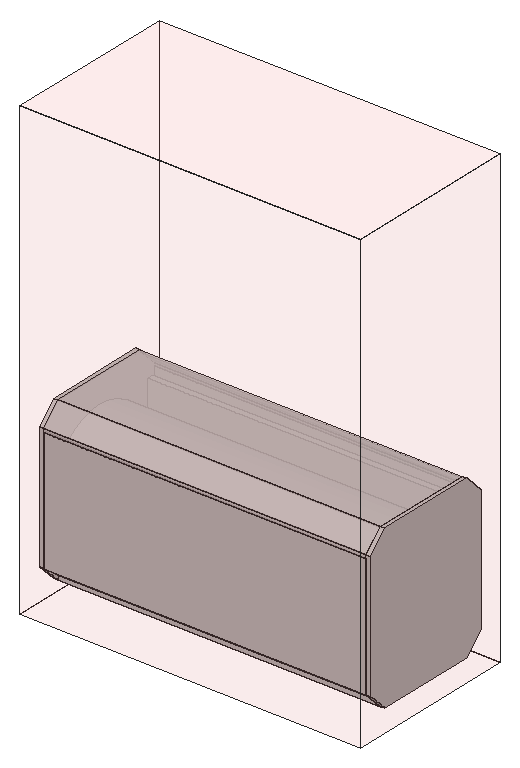
Revit family "Air-Curtain_Insect-Control_PoweredAire_RBT", category Mechanical Equipment, host Face, Revit 2025
Family settings
  Host = Face
  Round Connector Dimension = Use Diameter
  Part Type = Normal
  OmniClass Number = 23.75.35.17.21
  OmniClass Title = Air Curtains
  Cut with Voids When Loaded = No
  Maintain Annotation Orientation = No
  Shared = No
  Room Calculation Point = No
Parameters
  Warranty Duration (Years) = 0
  Unit Width Notes = "Other Widths available."  # constant formula
  Unit Width = 3' - 0"
  Unit Weight = 0
  Unit Height = 1' - 3"
  Unit Depth = 1' - 5 1/2"
  URL = "http://www.poweredaire.com/"
  Test Data = ""
  Standards Conformance = "as Specified"
  Specification = "http://www.arcat.com/sdspecs/htm04/23_34_33pai.htm"
  SpecWizard = ""
  Sound Pressure = "as Specified"
  Sales Information = "http://www.poweredaire.com/contact_us"
  Revision = "R1_2016-08"
  Projection from Host [instance] = 0' - 2"
  Product Properties = ""
  Product Data = "http://www.arcat.com/arcatcos/cos47/arc47623.html"
  Power Rating = 0 W
  Nozzle Width = if(1 = 1, Unit Width - 0' 1", 0' 0")  # 2' - 11"
  Mounting Width = if(1 = 1, Unit Width - 0' 0 15/16", 0' 0")  # 2' - 11 1/16"
  Mounting Height [instance] = 3' - 6"
  Motor RPM = 0
  Motor HP = 0
  Motor Count = 0
  Model = "As Specified"
  Max Height = 0' - 0"
  Manufacturer Website = "http://www.poweredaire.com/"
  Manufacturer Phone - Toll Free = "888-321-2473"
  Manufacturer Phone = "724-588-3305"
  Manufacturer Fax = "724-588-3371"
  Manufacturer Address = "109 Mortensen Rd.  Greenville, PA 16125"
  Manufacturer = "Powered Aire, Inc"
  Maintenance Schedule (Months) = 0
  Keynote = "23 34 33"
  Installation-Fabrication = ""
  Installation Phase = ""
  Include Clearance [instance] = yes
  Heating Element Load = 0 W
  HVAC_Temperature Rise = 0 °F
  HVAC_Outlet Volume = 0 CFM
  HVAC_Outlet Velocity Uniformity = 0
  HVAC_Outlet Velocity = 0 FPM
  Green Building-LEED = "http://www.arcat.com/green/clients/leed_data_47623.html"
  Front Grating Material [instance] = Metal - Steel - PoweredAire - Stainless 304 Perforated
  Frame Finish [instance] = Metal - Steel - PoweredAire - Stainless 304
  Expected Lifespan (Years) = 0
  Electrical_Wattage [instance] = Power Rating + Heating Element Load  # 0 W
  Electrical_Voltage [instance] = 0 V
  Electrical_Phase [instance] = 1
  Electrical_Frequency [instance] = 0 Hz
  Electrical_Amperage [instance] = 0 A
  Drawn By = "Sumex Design, Inc. / Robert S. Weygant, CSI, CDT, SCIP"
  Description = "Powered Aire Air Curtain as Specified"
  Default Elevation = 0' - 0"  # constant formula
  Copyright = "©Arcat Inc."
  Construction Details = "http://www.arcat.com/details/powair/prod3336.html"
  Clearance_Top [instance] = 0' - 2"
  Clearance_Side B [instance] = 0' - 0 1/2"
  Clearance_Side A [instance] = 0' - 0 1/2"
  Clearance_Intake [instance] = 2' - 6"
  Clearance_Bottom [instance] = 0' - 2"
  Clearance Material [instance] = ARCAT Clearance
  Building Codes = ""
  Available Options [instance] = "as Specified"
  Assembly Code = "D3090400"
Reference planes (in)
  plane 1 "Center (Elevation)": y = 0.13818
  plane 2: z = 0
  plane 3 "Center (Left/Right)": x = 0
  plane 4: y = 7.63818
  plane 5: y = -7.36182
  plane 6: x = -18
  plane 7: x = 18
  plane 8: z = 19.5
  plane 9 "FF": y = -41.86182
  plane 10: z = 2
  plane 11: x = 17.5
  plane 12: x = -17.5
  plane 13: y = 9.63818
  plane 14: y = -9.36182
  plane 15: x = -18.5
  plane 16: x = 18.5
  plane 17: z = 49.5
Forms (in)
  Extrusion 1, solid, material "Metal - Steel - PoweredAire - Stainless 304" <- "Frame Finish"
    sketch origin (0, 0, 0) x (0, 1, 0) y (0, 0, 1)
      loop
        line (5.69363, 2) -> (7.63818, 3.94454) -> (7.63818, 17.55546) -> (5.69363, 19.5) -> (-5.41728, 19.5) -> (-7.36182, 17.55546) -> (-7.36182, 3.94454) -> (-5.41728, 2) -> (5.69363, 2)
    from 17.5 to 18
  Extrusion 2, solid, material "Metal - Steel - PoweredAire - Stainless 304" <- "Frame Finish"
    sketch origin (0, 0, -0.5) x (0, 1, 0) y (0, 0, 1)
      loop
        circle (0.13818, 10.9739) r 6.25
      loop
        line (6.63818, 16.89427) -> (6.63818, 5.87829) -> (7.33849, 5.87829) -> (7.33849, 16.89427) -> (6.63818, 16.89427)
      loop
        line (-7.02798, 16.76927) -> (-7.02798, 5.75329) -> (-6.36182, 5.75329) -> (-6.36182, 16.76927) -> (-7.02798, 16.76927)
    from -17.5 to 17.5
  Extrusion 3, solid, material "Metal - Steel - PoweredAire - Stainless 304" <- "Frame Finish"
    sketch origin (0, 0, 0) x (0, 1, 0) y (0, 0, -1)
      loop
        line (5.69363, -2) -> (-5.41728, -2) -> (-7.36182, -3.94454) -> (-7.36182, -17.55546) -> (-5.41728, -19.5) -> (5.69363, -19.5) -> (7.63818, -17.55546) -> (7.63818, -3.94454) -> (5.69363, -2)
    from 17.5 to 18
  Extrusion 4, solid, material "Metal - Steel - PoweredAire - Stainless 304" <- "Frame Finish"
    sketch origin (0, 0, 0) x (0, 1, 0) y (0, 0, 1)
      loop
        line (-5.41728, 2) -> (5.69363, 2) -> (7.63818, 3.94454) -> (7.63818, 17.19454) -> (7.51318, 17.19454) -> (7.51318, 3.99632) -> (5.64186, 2.125) -> (-5.29228, 2.125) -> (-5.29228, 4.06954) -> (-7.23682, 4.06954) -> (-7.23682, 17.19454) -> (-7.36182, 17.19454) -> (-7.36182, 3.94454) -> (-5.41728, 3.94454) -> (-5.41728, 2)
      loop
        line (-6.64819, 3.61034) -> (-5.8702, 2.83235) -> (-5.74472, 2.95783) -> (-6.52271, 3.73583) -> (-6.64819, 3.61034)
    from -17.5 to 17.5
  Extrusion 5, solid, material "Metal - Steel - PoweredAire - Stainless 304 Perforated" <- "Front Grating Material"
    sketch origin (0, 0, 0) x (0, 1, 0) y (0, 0, 1)
      loop
        line (-7.36182, 17.19454) -> (-7.23682, 17.19454) -> (-7.23682, 17.50368) -> (-5.3655, 19.375) -> (5.64186, 19.375) -> (7.51318, 17.50368) -> (7.51318, 17.19454) -> (7.63818, 17.19454) -> (7.63818, 17.55546) -> (5.69363, 19.5) -> (-5.41728, 19.5) -> (-7.36182, 17.55546) -> (-7.36182, 17.19454)
    from -17.5 to 17.5
  Extrusion 6, solid, material "ARCAT Clearance" <- "Clearance Material", visible <- "Include Clearance"
    sketch origin (0, 0, 0) x (0, 1, 0) y (0, 0, 1)
      loop
        line (-9.36182, 49.5) -> (-9.36182, 0) -> (9.63818, 0) -> (9.63818, 49.5) -> (-9.36182, 49.5)
    from -18.5 to 18.5
Dimensions and locks (in)
  equal spacing: plane 4, plane 1 "Center (Elevation)", plane 5
  "Unit Height": plane 4 to plane 5
  equal spacing: plane 6, plane 3 "Center (Left/Right)", plane 7
  "Unit Width": plane 6 to plane 7
  "Mounting Height": plane 1 "Center (Elevation)" to plane 9 "FF"
  "Projection from Host": plane 10 to level
  "Unit Depth": plane 8 to plane 10
  locked: plane 6 to plane 12 at 0.5
  locked: plane 11 to plane 7 at 0.5
  "Clearance_Side A": plane 7 to plane 16
  "Clearance_Side B": plane 15 to plane 6
  "Clearance_Top": plane 13 to plane 4
  "Clearance_Bottom": plane 5 to plane 14
  "Clearance_Intake": plane 17 to plane 8
  aligned and locked: plane 2 to host face
  aligned and locked: level to host face
  aligned and locked: plane 7 to Extrusion 1
  aligned and locked: Extrusion 1 to plane 11
  aligned and locked: plane 12 to Extrusion 3
  aligned and locked: Extrusion 3 to plane 6
  aligned and locked: Extrusion 2 to plane 12
  aligned and locked: plane 11 to Extrusion 2
  aligned and locked: plane 11 to Extrusion 4
  aligned and locked: Extrusion 4 to plane 12
  aligned and locked: plane 11 to Extrusion 5
  aligned and locked: Extrusion 5 to plane 12
  aligned and locked: Extrusion 6 sketch curve to plane 17
  aligned and locked: plane 14 to Extrusion 6 sketch curve
  aligned and locked: level to Extrusion 6 sketch curve
  aligned and locked: Extrusion 6 sketch curve to plane 13
  aligned and locked: plane 16 to Extrusion 6
  aligned and locked: Extrusion 6 to plane 15
Automatic sketch dimensions
  host sketch curve to host sketch curve = 8' - 0"  (x2)
  Extrusion 1 sketch curve to plane 5 = 0' - 0"
  Extrusion 1 sketch curve to plane 8 = 0' - 0"
  Extrusion 1 sketch curve to plane 10 = 0' - 0"
  Extrusion 1 sketch curve to plane 4 = 0' - 0"
  plane 5 to Extrusion 1 sketch curve = 0' - 1.94454"  (x2)
  Extrusion 1 sketch curve to plane 4 = 0' - 1.94454"  (x2)
  plane 10 to Extrusion 1 sketch curve = 0' - 1.94454"  (x2)
  Extrusion 1 sketch curve to plane 8 = 0' - 1.94454"  (x2)
  Extrusion 2 sketch curve to plane 1 "Center (Elevation)" = 0' - 0"
  plane 5 to Extrusion 2 sketch curve = 0' - 1"
  plane 5 to Extrusion 2 sketch curve = 0' - 0.33384"
  Extrusion 2 sketch curve to plane 4 = 0' - 1"
  Extrusion 2 sketch curve to plane 4 = 0' - 0.29969"
  plane 10 to Extrusion 2 sketch curve = 0' - 3.37829"
  plane 10 to Extrusion 2 sketch curve = 0' - 3.25329"
  Extrusion 2 sketch curve to plane 8 = 0' - 9.0261"
  Extrusion 2 sketch curve to plane 8 = 0' - 3.23073"
  Extrusion 2 sketch curve to plane 8 = 0' - 3.10573"
  Extrusion 3 sketch curve to plane 5 = 0' - 0"
  Extrusion 3 sketch curve to plane 8 = 0' - 0"
  Extrusion 3 sketch curve to plane 10 = 0' - 0"
  Extrusion 3 sketch curve to plane 4 = 0' - 0"
  plane 5 to Extrusion 3 sketch curve = 0' - 1.94454"  (x2)
  Extrusion 3 sketch curve to plane 4 = 0' - 1.94454"  (x2)
  Extrusion 3 sketch curve to plane 8 = 0' - 1.94454"  (x2)
  plane 10 to Extrusion 3 sketch curve = 0' - 1.94454"  (x2)
  Extrusion 4 sketch curve to plane 5 = 0' - 0"
  Extrusion 4 sketch curve to plane 10 = 0' - 0"
  Extrusion 4 sketch curve to plane 4 = 0' - 0"
  plane 5 to Extrusion 4 sketch curve = 0' - 0 1/8"
  plane 5 to Extrusion 4 sketch curve = 0' - 0.71363"
  Extrusion 4 sketch curve to Extrusion 4 sketch curve = 0' - 0.12548"  (x2)
  Extrusion 4 sketch curve to Extrusion 4 sketch curve = 0' - 0.778"
  Extrusion 4 sketch curve to Extrusion 4 sketch curve = 0' - 0.32744"
  Extrusion 4 sketch curve to Extrusion 4 sketch curve = 0' - 0 1/8"  (x2)
  plane 10 to Extrusion 4 sketch curve = 0' - 0 1/8"
  Extrusion 4 sketch curve to plane 4 = 0' - 1.99632"
  Extrusion 4 sketch curve to Extrusion 4 sketch curve = 0' - 0.05178"  (x2)
  plane 10 to Extrusion 4 sketch curve = 0' - 0.83235"
  plane 10 to Extrusion 4 sketch curve = 0' - 1.94454"
  Extrusion 4 sketch curve to Extrusion 4 sketch curve = 0' - 0.3342"
  Extrusion 4 sketch curve to plane 4 = 0' - 0 1/8"
  Extrusion 4 sketch curve to plane 8 = 0' - 2.30546"  (x2)
  Extrusion 5 sketch curve to plane 5 = 0' - 0"
  Extrusion 5 sketch curve to plane 8 = 0' - 0"
  Extrusion 5 sketch curve to plane 4 = 0' - 0"
  plane 5 to Extrusion 5 sketch curve = 0' - 0 1/8"
  plane 5 to Extrusion 5 sketch curve = 0' - 1.94454"
  Extrusion 5 sketch curve to plane 8 = 0' - 0 1/8"
  Extrusion 5 sketch curve to Extrusion 5 sketch curve = 0' - 0.05178"  (x4)
  Extrusion 5 sketch curve to plane 4 = 0' - 1.99632"
  Extrusion 5 sketch curve to plane 8 = 0' - 1.94454"  (x2)
  Extrusion 5 sketch curve to Extrusion 5 sketch curve = 0' - 0 1/8"
  Extrusion 5 sketch curve to Extrusion 5 sketch curve = 0' - 0.30914"  (x2)
  radius of Extrusion 2 sketch curve = 0' - 6 1/4"
Connectors (in)
  electrical at (0, 7.63818, 10.56954), driven by "Electrical_Phase", driven by "Electrical_Voltage"
    settings: on Extrusion 4, index 1, voltage 0 V, apparent load 0 VA, apparent load phase1 0 VA, apparent load phase2 0 VA, apparent load phase3 0 VA, power factor 1, load classification "Motor", number of poles 1, system type 31, power factor state 1, is connector primary yes, connector utility no, sub classification motor no, connector description ""
